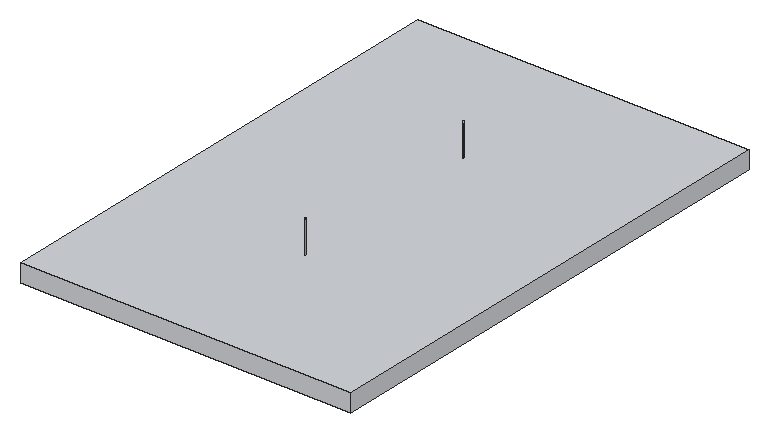
Revit family "V-LENSESxx152xxWSxx", category Leuchten, Revit 2020
Family settings
  Basisbauteil = Fläche
  Bemaßung runder Anschluss = Durchmesser verwenden
  Teiletyp = Normal
  OmniClass-Nummer = 23.80.70.11
  OmniClass-Titel = Luminaries for Internal Lighting
  Beim Laden mit Abzugskörper schneiden = Nein
  Lichtquelle = Ja
  Gemeinsam genutzt = Nein
  Raumberechnungspunkt = Nein
Parameters (values of type "V-LENSES-DI152-7DAWS840B0750")
  width = 113 mm  # constant formula
  weight = "4"
  voltage type (AC, DC, UC) = "AC"
  suspension hight [instance] = 200 mm
  rated input power = 48
  product name = "V-LENSES-DI152-7DAWS840B0750\r\nV-LENSES-D150-5RFWS840B0550"
  nominal voltage = "230"
  nominal frequency = "50-60Hz"
  length = 1528 mm  # constant formula
  ingress protection (IP) code = "IP20"
  height = 83 mm  # constant formula
  electrical safety class = "1"
  control gear = ""
  conformity mark = "CE"  # constant formula
  brand = "RIDI"
  approval mark = ""
  built-in parameter 1150104 = 13.8 (stored number, unit not read)
  Wattage = 51.9045 W
  Von Breite des Rechtecks ausssenden = 1524 mm  # constant formula
  Von Länge des Rechtecks aussenden = 111 mm  # constant formula
  Default Elevation = 0 mm
  built-in parameter 1150113 = 1 (stored number, unit not read)
  built-in parameter 1114218 = 1 (stored number, unit not read)
  URL = "www.ridi.de"
  built-in parameter 1150134 = 12
  built-in parameter 1150109 = 1 (stored number, unit not read)
  built-in parameter 1150110 = 1 (stored number, unit not read)
  Apparent Load = 48 VA
  Tilt Angle = 90.00°
  Modell = "1532558"
  built-in parameter 1114217 = 1 (stored number, unit not read)
  built-in parameter 1150139 = (empty or 0)
  built-in parameter 1150105 = 3026.7 (stored number, unit not read)
  built-in parameter 1150114 = 1 (stored number, unit not read)
  Lumens = 7710 lm
  built-in parameter 1150115 = 1 (stored number, unit not read)
  built-in parameter 1150112 = 1 (stored number, unit not read)
  Lampe = "LED"
  Hersteller = "RIDI Leuchten GmbH"  # constant formula
  Dimming Lamp Color Temperature Shift = (empty or 0)
  Color Filter = 16777215
  built-in parameter 1150133 = 10 (stored number, unit not read)
  Emit Shape Visible in Rendering = no
  built-in parameter 1150137 = (empty or 0)
  built-in parameter 1150132 = 2
  Datei für fotometrisches Netz = "V-LENSES-DI.IES"
  Copyright = "© RIDI. All rights reserved."  # constant formula
  built-in parameter 1150106 = 30.267 (stored number, unit not read)
  Baugruppenkennzeichen = "D5020200"
  built-in parameter 1150107 = 4000 (stored number, unit not read)
  built-in parameter 1150102 = (empty or 0)
  built-in parameter 1150138 = (empty or 0)
Types (9, lengths in mm): name | weight | rated input power | product name | Wattage | built-in parameter 1150134 | Apparent Load | Modell | built-in parameter 1150105 | Lumens | Datei für fotometrisches Netz | built-in parameter 1150106 | built-in parameter 1150107
  (no name) | "4" | 48 | "V-LENSES-DI152-7DAWS840B0750\r\nV-LENSES-D150-5RFWS840B0550" | 51.9045 W | 12 | 48 VA | "1532558" | 3026.7 (stored number, unit not read) | 7710 lm | "V-LENSES-DI.IES" | 30.267 (stored number, unit not read) | 4000 (stored number, unit not read)
  V-LENSES-D152-5RFWS830B0550 | "3,7" | 38 | "V-LENSES-D152-5RFWS830B0550\r\nV-LENSES-D150-5RFWS840B0550" | 41.739 W | (empty or 0) | 38 VA | "1522569" | 493.38 (stored number, unit not read) | 6200 lm | "V-LENSES-D.IES" | 4.9338 (stored number, unit not read) | 3000 (stored number, unit not read)
  V-LENSES-D152-5RFWS840B0550 | "3,7" | 38 | "V-LENSES-D152-5RFWS840B0550\r\nV-LENSES-D150-5RFWS840B0550" | 43.0855 W | 12 | 38 VA | "1522561" | 3492.5 (stored number, unit not read) | 6400 lm | "V-LENSES-D.IES" | 34.925 (stored number, unit not read) | 4000 (stored number, unit not read)
  V-LENSES-D152-7DAWS830B0500 | "3,7" | 34 | "V-LENSES-D152-7DAWS830B0500\r\nV-LENSES-D150-5RFWS840B0550" | 35.5455 W | (empty or 0) | 34 VA | "1532565" | 420.17 (stored number, unit not read) | 5280 lm | "V-LENSES-D.IES" | 4.2017 (stored number, unit not read) | 3000 (stored number, unit not read)
  V-LENSES-D152-7DAWS840B0500 | "3,7" | 34 | "V-LENSES-D152-7DAWS840B0500\r\nV-LENSES-D150-5RFWS840B0550" | 37.0266 W | 12 | 34 VA | "1532557" | 437.68 (stored number, unit not read) | 5500 lm | "V-LENSES-D.IES" | 4.3768 (stored number, unit not read) | 4000 (stored number, unit not read)
  V-LENSES-DI152-5RFWS830B0750 | "4" | 56 | "V-LENSES-DI152-5RFWS830B0750\r\nV-LENSES-D150-5RFWS840B0550" | 55.8765 W | (empty or 0) | 56 VA | "1522570" | 660.49 (stored number, unit not read) | 8300 lm | "V-LENSES-DI.IES" | 6.6049 (stored number, unit not read) | 3000 (stored number, unit not read)
  V-LENSES-DI152-5RFWS840B0800 | "4" | 56 | "V-LENSES-DI152-5RFWS840B0800\r\nV-LENSES-D150-5RFWS840B0550" | 58.5693 W | 12 | 56 VA | "1522562" | 3415.3 (stored number, unit not read) | 8700 lm | "V-LENSES-DI.IES" | 34.153 (stored number, unit not read) | 4000 (stored number, unit not read)
  V-LENSES-DI152-7DAWS830B0750 | "4" | 48 | "V-LENSES-DI152-7DAWS830B0750\r\nV-LENSES-D150-5RFWS840B0550" | 49.8176 W | (empty or 0) | 48 VA | "1532566" | 2905 (stored number, unit not read) | 7400 lm | "V-LENSES-DI.IES" | 29.05 (stored number, unit not read) | 3000 (stored number, unit not read)
  V-LENSES-DI152-7DAWS840B0750 | "4" | 48 | "V-LENSES-DI152-7DAWS840B0750\r\nV-LENSES-D150-5RFWS840B0550" | 51.9045 W | 12 | 48 VA | "1532558" | 3026.7 (stored number, unit not read) | 7710 lm | "V-LENSES-DI.IES" | 30.267 (stored number, unit not read) | 4000 (stored number, unit not read)
Reference planes
  plane 1 "Mitte (Vorne/hinten)": y = 0
  plane 2: z = 0
  plane 3 "Mitte (Links/rechts)": x = 0
  plane 4: z = 200
Forms (mm)
  Extrusion 1, solid
    sketch origin (219.2, 280.8, 0) x (1, 0, 0) y (0, 1, 0)
      loop
        line (-1219.2, 1219.2) -> (-1219.2, -1780.8) -> (780.8, -1780.8) -> (780.8, 1219.2) -> (-1219.2, 1219.2)
    from 0 to -107.307
  Extrusion 2, solid
    sketch origin (0, 0, 0) x (1, 0, 0) y (0, 1, 0)
      loop
        circle (0, 600) r 2
      loop
        circle (0, -600) r 2
    from 0 to 200.368
Dimensions and locks
  "suspension hight": plane 4 to Extrusion 1
  locked: plane 1 "Mitte (Vorne/hinten)" to Extrusion 2 sketch curve at 600
  locked: Extrusion 2 sketch curve to plane 1 "Mitte (Vorne/hinten)" at 600
  locked: imposter light to plane 4 at 82.5
  aligned and locked: plane 2 to Extrusion 1
  aligned and locked: imposter light to plane 3 "Mitte (Links/rechts)"
  aligned and locked: import instance to Extrusion 2
  aligned and locked: import instance to plane 4
Automatic sketch dimensions
  Extrusion 1 sketch curve to Extrusion 1 sketch curve = 2000 mm
  Extrusion 1 sketch curve to Extrusion 1 sketch curve = 3000 mm
  Extrusion 2 sketch curve to plane 3 "Mitte (Links/rechts)" = 0 mm  (x2)
  radius of Extrusion 2 sketch curve = 2 mm  (x2)
Connectors
  electrical at (0, -600, 200.368), driven by "Apparent Load"
    settings: on Extrusion 2, index 1, voltage 230 V, apparent load 0 VA, apparent load phase1 48 VA, apparent load phase2 0 VA, apparent load phase3 0 VA, power factor 1, load classification "Lighting", number of poles 1, system type 31, power factor state 1, is connector primary yes, connector utility no, sub classification motor no, connector description ""
